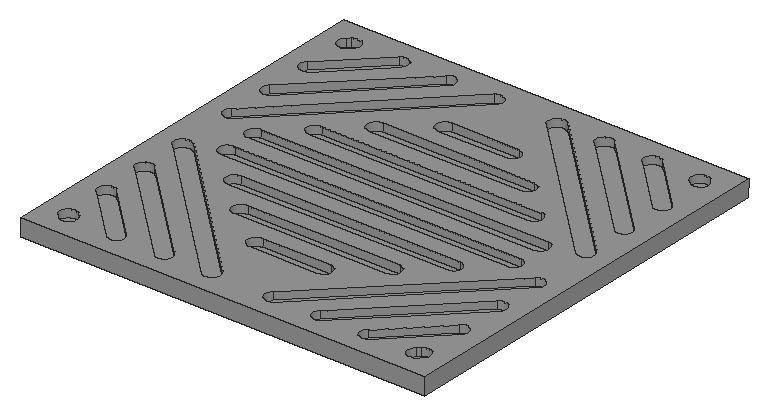
Revit family "dBA - 1 inch - Ceiling and Wall Panels 24x24", category Generic Models, Revit 2016
Family settings
  Part Type = Normal
  Can host rebar = No
  Round Connector Dimension = Use Diameter
  Work Plane-Based = Yes
  Always vertical = No
  Cut with Voids When Loaded = No
  Shared = No
  Room Calculation Point = No
Parameters (values of type "Charcoal")
  URL = "https://www.acousticalsurfaces.com/sound-silencer/dba-ceiling-wall-panel/"
  Material = "Sound Silencer dBA"
  Manufacturer = "Acoustical Surfaces, Inc."
  Finish = dBA - Charcoal
  Default Elevation = 4' - 0"
Types (2): name | Finish
  Charcoal | dBA - Charcoal
  White | dBA - White
Reference planes (in)
  plane 1 "Center (Front/Back)": y = 0
  plane 2: z = 0
  plane 3 "Center (Left/Right)": x = 0
Forms (in)
  Extrusion 1, solid, material "dBA - Charcoal" <- "Finish"
    sketch origin (0, 0, 0) x (1, 0, 0) y (0, 1, 0)
      loop
        line (12, 12) -> (-12, 12) -> (-12, -12) -> (12, -12) -> (12, 12)
    from 0 to 0.5625
  Extrusion 2, solid, material "dBA - Charcoal" <- "Finish"
    sketch origin (0, 0, 0.5625) x (1, 0, 0) y (0, 1, 0)
      loop
        line (12, 12) -> (-12, 12) -> (-12, -12) -> (12, -12) -> (12, 12)
      loop
        arc (-10.14645, -9.96967) -> (-10.85355, -9.96967) -> (-10.85355, -10.67678) r 0.5
        line (-10.85355, -10.67678) -> (-10.67678, -10.85355)
        arc (-10.67678, -10.85355) -> (-9.96967, -10.85355) -> (-9.96967, -10.14645) r 0.5
        line (-9.96967, -10.14645) -> (-10.14645, -9.96967)
      loop
        arc (-7.84835, -10.85355) -> (-7.14124, -10.85355) -> (-7.14124, -10.14645) r 0.5
        line (-7.14124, -10.14645) -> (-10.14645, -7.14124)
        arc (-10.14645, -7.14124) -> (-10.85355, -7.14124) -> (-10.85355, -7.84835) r 0.5
        line (-10.85355, -7.84835) -> (-7.84835, -10.85355)
      loop
        arc (-5.01992, -10.85355) -> (-4.31282, -10.85355) -> (-4.31282, -10.14645) r 0.5
        line (-4.31282, -10.14645) -> (-10.14645, -4.31282)
        arc (-10.14645, -4.31282) -> (-10.85355, -4.31282) -> (-10.85355, -5.01992) r 0.5
        line (-10.85355, -5.01992) -> (-5.01992, -10.85355)
      loop
        arc (-2.1915, -10.85355) -> (-1.48439, -10.85355) -> (-1.48439, -10.14645) r 0.5
        line (-1.48439, -10.14645) -> (-10.14645, -1.48439)
        arc (-10.14645, -1.48439) -> (-10.85355, -1.48439) -> (-10.85355, -2.1915) r 0.5
        line (-10.85355, -2.1915) -> (-2.1915, -10.85355)
      loop
        arc (2, -7.5) -> (2.5, -7) -> (2, -6.5) r 0.5
        line (2, -6.5) -> (-2, -6.5)
        arc (-2, -6.5) -> (-2.5, -7) -> (-2, -7.5) r 0.5
        line (-2, -7.5) -> (2, -7.5)
      loop
        arc (4.5, -5.5) -> (5, -5) -> (4.5, -4.5) r 0.5
        line (4.5, -4.5) -> (-4.5, -4.5)
        arc (-4.5, -4.5) -> (-5, -5) -> (-4.5, -5.5) r 0.5
        line (-4.5, -5.5) -> (4.5, -5.5)
      loop
        arc (6.5, -3.5) -> (7, -3) -> (6.5, -2.5) r 0.5
        line (6.5, -2.5) -> (-6.5, -2.5)
        arc (-6.5, -2.5) -> (-7, -3) -> (-6.5, -3.5) r 0.5
        line (-6.5, -3.5) -> (6.5, -3.5)
      loop
        arc (8.5, -1.5) -> (9, -1) -> (8.5, -0.5) r 0.5
        line (8.5, -0.5) -> (-8.5, -0.5)
        arc (-8.5, -0.5) -> (-9, -1) -> (-8.5, -1.5) r 0.5
        line (-8.5, -1.5) -> (8.5, -1.5)
      loop
        arc (8.5, 0.5) -> (9, 1) -> (8.5, 1.5) r 0.5
        line (8.5, 1.5) -> (-8.5, 1.5)
        arc (-8.5, 1.5) -> (-9, 1) -> (-8.5, 0.5) r 0.5
        line (-8.5, 0.5) -> (8.5, 0.5)
      loop
        arc (6.5, 2.5) -> (7, 3) -> (6.5, 3.5) r 0.5
        line (6.5, 3.5) -> (-6.5, 3.5)
        arc (-6.5, 3.5) -> (-7, 3) -> (-6.5, 2.5) r 0.5
        line (-6.5, 2.5) -> (6.5, 2.5)
      loop
        arc (4.5, 4.5) -> (5, 5) -> (4.5, 5.5) r 0.5
        line (4.5, 5.5) -> (-4.5, 5.5)
        arc (-4.5, 5.5) -> (-5, 5) -> (-4.5, 4.5) r 0.5
        line (-4.5, 4.5) -> (4.5, 4.5)
      loop
        line (-2, 6.5) -> (2, 6.5)
        arc (2, 6.5) -> (2.5, 7) -> (2, 7.5) r 0.5
        line (2, 7.5) -> (-2, 7.5)
        arc (-2, 7.5) -> (-2.5, 7) -> (-2, 6.5) r 0.5
      loop
        arc (-1.48439, 10.14645) -> (-1.48439, 10.85355) -> (-2.1915, 10.85355) r 0.5
        line (-2.1915, 10.85355) -> (-10.85355, 2.1915)
        arc (-10.85355, 2.1915) -> (-10.85355, 1.48439) -> (-10.14645, 1.48439) r 0.5
        line (-10.14645, 1.48439) -> (-1.48439, 10.14645)
      loop
        arc (-4.31282, 10.14645) -> (-4.31282, 10.85355) -> (-5.01992, 10.85355) r 0.5
        line (-5.01992, 10.85355) -> (-10.85355, 5.01992)
        arc (-10.85355, 5.01992) -> (-10.85355, 4.31282) -> (-10.14645, 4.31282) r 0.5
        line (-10.14645, 4.31282) -> (-4.31282, 10.14645)
      loop
        arc (-7.14124, 10.14645) -> (-7.14124, 10.85355) -> (-7.84835, 10.85355) r 0.5
        line (-7.84835, 10.85355) -> (-10.85355, 7.84835)
        arc (-10.85355, 7.84835) -> (-10.85355, 7.14124) -> (-10.14645, 7.14124) r 0.5
        line (-10.14645, 7.14124) -> (-7.14124, 10.14645)
      loop
        line (-10.14645, 9.96967) -> (-9.96967, 10.14645)
        arc (-9.96967, 10.14645) -> (-9.96967, 10.85355) -> (-10.67678, 10.85355) r 0.5
        line (-10.67678, 10.85355) -> (-10.85355, 10.67678)
        arc (-10.85355, 10.67678) -> (-10.85355, 9.96967) -> (-10.14645, 9.96967) r 0.5
      loop
        arc (10.14645, 1.48439) -> (10.85355, 1.48439) -> (10.85355, 2.1915) r 0.5
        line (10.85355, 2.1915) -> (2.1915, 10.85355)
        arc (2.1915, 10.85355) -> (1.48439, 10.85355) -> (1.48439, 10.14645) r 0.5
        line (1.48439, 10.14645) -> (10.14645, 1.48439)
      loop
        arc (10.14645, 4.31282) -> (10.85355, 4.31282) -> (10.85355, 5.01992) r 0.5
        line (10.85355, 5.01992) -> (5.01992, 10.85355)
        arc (5.01992, 10.85355) -> (4.31282, 10.85355) -> (4.31282, 10.14645) r 0.5
        line (4.31282, 10.14645) -> (10.14645, 4.31282)
      loop
        arc (10.14645, 7.14124) -> (10.85355, 7.14124) -> (10.85355, 7.84835) r 0.5
        line (10.85355, 7.84835) -> (7.84835, 10.85355)
        arc (7.84835, 10.85355) -> (7.14124, 10.85355) -> (7.14124, 10.14645) r 0.5
        line (7.14124, 10.14645) -> (10.14645, 7.14124)
      loop
        arc (10.14645, 9.96967) -> (10.85355, 9.96967) -> (10.85355, 10.67678) r 0.5
        line (10.85355, 10.67678) -> (10.67678, 10.85355)
        arc (10.67678, 10.85355) -> (9.96967, 10.85355) -> (9.96967, 10.14645) r 0.5
        line (9.96967, 10.14645) -> (10.14645, 9.96967)
      loop
        arc (1.48439, -10.14645) -> (1.48439, -10.85355) -> (2.1915, -10.85355) r 0.5
        line (2.1915, -10.85355) -> (10.85355, -2.1915)
        arc (10.85355, -2.1915) -> (10.85355, -1.48439) -> (10.14645, -1.48439) r 0.5
        line (10.14645, -1.48439) -> (1.48439, -10.14645)
      loop
        arc (4.31282, -10.14645) -> (4.31282, -10.85355) -> (5.01992, -10.85355) r 0.5
        line (5.01992, -10.85355) -> (10.85355, -5.01992)
        arc (10.85355, -5.01992) -> (10.85355, -4.31282) -> (10.14645, -4.31282) r 0.5
        line (10.14645, -4.31282) -> (4.31282, -10.14645)
      loop
        arc (7.14124, -10.14645) -> (7.14124, -10.85355) -> (7.84835, -10.85355) r 0.5
        line (7.84835, -10.85355) -> (10.85355, -7.84835)
        arc (10.85355, -7.84835) -> (10.85355, -7.14124) -> (10.14645, -7.14124) r 0.5
        line (10.14645, -7.14124) -> (7.14124, -10.14645)
      loop
        arc (9.96967, -10.14645) -> (9.96967, -10.85355) -> (10.67678, -10.85355) r 0.5
        line (10.67678, -10.85355) -> (10.85355, -10.67678)
        arc (10.85355, -10.67678) -> (10.85355, -9.96967) -> (10.14645, -9.96967) r 0.5
        line (10.14645, -9.96967) -> (9.96967, -10.14645)
    from 0 to 0.4375
Cuts and joins
  joined: Extrusion 1, Extrusion 2
Dimensions and locks (in)
  aligned and locked: level to plane 2
